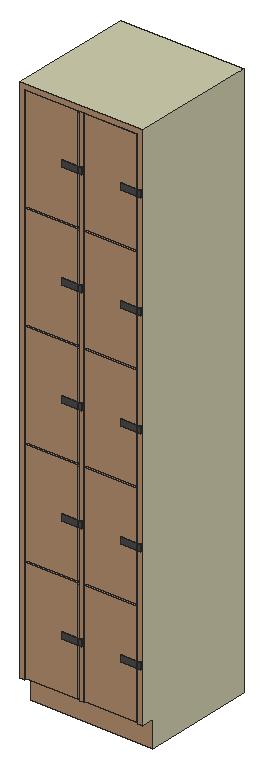
Revit family "Cabinet_Wenger_UltraStor_21", category Furniture, Revit 2015
Parameters (values of type "UltraStor Cabinet #21 - Comp Wood Doors")
  URL = "https://www.wengercorp.com/"
  Type Comments = ""
  Specification = "http://www.arcat.com/sdspecs/htm04/12_35_83wen.htm"
  Shelf Thickness = 0' - 1 1/8"
  Sales Information = "https://www.wengercorp.com/contact-us.php"
  Revision = "R1_2018-04"
  Rear Panel Thickness = 0' - 0 3/4"
  Product Data = "http://www.arcat.com/arcatcos/cos36/arc36487.html"
  Manufacturer Website = "https://www.wengercorp.com/"
  Manufacturer Phone - Toll Free = "800-4WENGER"
  Manufacturer Phone = "(507) 455-4100"
  Manufacturer Fax = "(507) 455-4258"
  Manufacturer Address = "555 Park Dr., Owatonna, MN 55060"
  Keynote = "12 35 83"
  HasDoors = yes
  Green Building-LEED = "http://www.arcat.com/green/clients/leed_data_36487.html"
  Drawn By = "Sumex Design, Inc. / Robert S. Weygant, CSI, CDT, SCIP"
  Door Width = (Cabinet Width - 0' 2 1/4") / 2  # 0' - 8 1/4"
  Door Style = Door_Base : Solid Door
  Door Material [instance] = Wenger Cherry (Use Cherry Edge Band Only)
  Toe Kick Material [instance] = Wenger Cherry (Use Cherry Edge Band Only)
  RH End Panel [instance] = no
  Model = "#21"
  Manufacturer = "Wenger Corporation"
  LH End Panel [instance] = no
  End Panel Material [instance] = Wenger Cherry (Use Cherry Edge Band Only)
  Edge Banding Material [instance] = Wenger Cherry (Use Cherry Edge Band Only)
  Door Height = (Cabinet Height - 0' 4 3/4") / 5  # 1' - 4.175"
  Cost = 0
  Copyright = "© 2018 Arcat Inc."
  Construction Details = "http://www.arcat.com/details/wengerco/wengerco.html?coid=36487"
  Body Material [instance] = Wenger - Oyster
  Description = "Wenger UltraStor Cabinet #21 - Comp Wood Doors"
  Cabinet Width = 1' - 6 3/4"
  Cabinet Height = 7' - 1 5/8"
  Installed Depth = 1' - 7 1/4"
  Cabinet Panel Thickness = 0' - 0 3/4"
  Assembly Code = "E2010200"
Types (14): name | Rear Panel Thickness | HasDoors | Door Width | Door Style | Door Material | Model | Description | Cabinet Width | Installed Depth
  Acoustic Cabinet #21 - No Doors | 0' - 3 1/4" | no | 0' - 8 1/4" | Door_Base : Solid Door | none | "#21A" | "Wenger Acoustic Cabinet #21 - No Doors" | 1' - 6 3/4" | 1' - 9 3/4"
  Narrow Acoustic Cabinet #21 - No Doors | 0' - 3 1/4" | no | 0' - 6 1/4" | Door_Base : Solid Door | none | "#21NA" | "Wenger Narrow Acoustic Cabinet #21 - No Doors" | 1' - 2 3/4" | 1' - 9 3/4"
  Narrow Acoustic Cabinet #21 - Comp Grille Doors | 0' - 3 1/4" | yes | 0' - 6 1/4" | Door_Base : Bars | Painted Black | "#21NA" | "Wenger Narrow Acoustic Cabinet #21 - Comp Grille Doors" | 1' - 2 3/4" | 1' - 9 3/4"
  Narrow Acoustic Cabinet #21 - Comp Waterfall Grille Doors | 0' - 3 1/4" | yes | 0' - 6 1/4" | Door_Base : Waterfall | Painted Black | "#21NA" | "Wenger Narrow Acoustic Cabinet #21 - Comp Waterfall Grille Doors" | 1' - 2 3/4" | 1' - 9 3/4"
  Acoustic Cabinet #21 - Comp Waterfall Grille Doors | 0' - 3 1/4" | yes | 0' - 8 1/4" | Door_Base : Waterfall | Painted Black | "#21A" | "Wenger Acoustic Cabinet #21 - Comp Waterfall Grille Doors" | 1' - 6 3/4" | 1' - 9 3/4"
  Acoustic Cabinet #21 - Comp Grille Doors | 0' - 3 1/4" | yes | 0' - 8 1/4" | Door_Base : Bars | Painted Black | "#21A" | "Wenger Acoustic Cabinet #21 - Comp Grille Doors" | 1' - 6 3/4" | 1' - 9 3/4"
  Narrow UltraStor Cabinet #21 - No Doors | 0' - 0 3/4" | no | 0' - 6 1/4" | Door_Base : Solid Door | none | "#21N" | "Wenger Narrow Cabinet #21 - No Doors" | 1' - 2 3/4" | 1' - 7 1/4"
  UltraStor Cabinet #21 - Comp Waterfall Grille Doors | 0' - 0 3/4" | yes | 0' - 8 1/4" | Door_Base : Waterfall | Painted Black | "#21" | "Wenger UltraStor Cabinet #21 - Comp Waterfall Grille Doors" | 1' - 6 3/4" | 1' - 7 1/4"
  UltraStor Cabinet #21 - No Doors | 0' - 0 3/4" | no | 0' - 8 1/4" | Door_Base : Solid Door | none | "#21" | "Wenger UltraStor Cabinet #21 - No Doors" | 1' - 6 3/4" | 1' - 7 1/4"
  Narrow UltraStor Cabinet #21 - Comp Grille Doors | 0' - 0 3/4" | yes | 0' - 6 1/4" | Door_Base : Bars | Painted Black | "#21N" | "Wenger Narrow Cabinet #21 - Comp Grille Doors" | 1' - 2 3/4" | 1' - 7 1/4"
  UltraStor Cabinet #21 - Comp Grille Doors | 0' - 0 3/4" | yes | 0' - 8 1/4" | Door_Base : Bars | Painted Black | "#21" | "Wenger UltraStor Cabinet #21 - Comp Grille Doors" | 1' - 6 3/4" | 1' - 7 1/4"
  Narrow UltraStor Cabinet #21 - Comp Waterfall Grille Doors | 0' - 0 3/4" | yes | 0' - 6 1/4" | Door_Base : Waterfall | Painted Black | "#21N" | "Wenger Narrow Cabinet #21 - Comp Waterfall Grille Doors" | 1' - 2 3/4" | 1' - 7 1/4"
  UltraStor Cabinet #21 - Comp Wood Doors | 0' - 0 3/4" | yes | 0' - 8 1/4" | Door_Base : Solid Door | Wenger Cherry (Use Cherry Edge Band Only) | "#21" | "Wenger UltraStor Cabinet #21 - Comp Wood Doors" | 1' - 6 3/4" | 1' - 7 1/4"
  Narrow UltraStor Cabinet #21 - Comp Wood Doors | 0' - 0 3/4" | yes | 0' - 6 1/4" | Door_Base : Solid Door | Wenger Cherry (Use Cherry Edge Band Only) | "#21N" | "Wenger Narrow Cabinet #21 - Comp Wood Doors" | 1' - 2 3/4" | 1' - 7 1/4"
Reference planes (in)
  plane 1 "Front": y = 0
  plane 2: z = 0
  plane 3 "Left": x = 0
  plane 4 "Right": x = 18.75
  plane 5 "Back": y = 19.25
  plane 6 "Top": z = 85.625
  plane 7: z = 4
  plane 8: z = 20.175
  plane 9: z = 36.35
  plane 10: z = 52.525
  plane 11: z = 68.7
  plane 12: x = 0.75
  plane 13: x = 18
  plane 14: z = 84.875
  plane 15: x = 9
  plane 16: x = 9.75
  plane 17: y = 18.5
  plane 18: y = 2
  plane 19: y = 0.75
  plane 20: z = 21.3
  plane 21: z = 37.475
  plane 22: z = 53.65
  plane 23: z = 69.825
  plane 24: z = 5.125
Forms (in)
  Extrusion 1, solid, material "Wenger - Oyster" <- "Body Material"
    sketch origin (0, 0, 0) x (0, 1, 0) y (0, 0, 1)
      loop
        line (0, 85.625) -> (0, 4) -> (2, 4) -> (2, 0) -> (19.25, 0) -> (19.25, 85.625) -> (0, 85.625)
    from 0 to 18.75
  Extrusion 2, void
    sketch origin (0, 0, 0) x (0, 1, 0) y (0, 0, 1)
      loop
        line (-5.5, 84.875) -> (-5.5, 4) -> (0.75, 4)
        arc (0.75, 4) -> (1.15915, 4.80234) -> (2, 5.125) r 1.25694
        line (2, 5.125) -> (18.5, 5.125) -> (18.5, 20.175) -> (0.75, 20.175)
        arc (0.75, 20.175) -> (1.18296, 20.95088) -> (2, 21.3) r 1.375
        line (2, 21.3) -> (18.5, 21.3) -> (18.5, 36.35) -> (0.75, 36.35)
        arc (0.75, 36.35) -> (1.18296, 37.12588) -> (2, 37.475) r 1.375
        line (2, 37.475) -> (18.5, 37.475) -> (18.5, 52.525) -> (0.75, 52.525)
        arc (0.75, 52.525) -> (1.18296, 53.30088) -> (2, 53.65) r 1.375
        line (2, 53.65) -> (18.5, 53.65) -> (18.5, 68.7) -> (0.75, 68.7)
        arc (0.75, 68.7) -> (1.18296, 69.47588) -> (2, 69.825) r 1.375
        line (2, 69.825) -> (18.5, 69.825) -> (18.5, 84.875) -> (-5.5, 84.875)
    from 0.75 to 9
  Extrusion 3, void
    sketch origin (0, 0, 0) x (0, 1, 0) y (0, 0, 1)
      loop
        line (-5.5, 84.875) -> (-5.5, 4) -> (0.75, 4)
        arc (0.75, 4) -> (1.18296, 4.77588) -> (2, 5.125) r 1.375
        line (2, 5.125) -> (18.5, 5.125) -> (18.5, 20.175) -> (0.75, 20.175)
        arc (0.75, 20.175) -> (1.18296, 20.95088) -> (2, 21.3) r 1.375
        line (2, 21.3) -> (18.5, 21.3) -> (18.5, 36.35) -> (0.75, 36.35)
        arc (0.75, 36.35) -> (1.18296, 37.12588) -> (2, 37.475) r 1.375
        line (2, 37.475) -> (18.5, 37.475) -> (18.5, 52.525) -> (0.75, 52.525)
        arc (0.75, 52.525) -> (1.18296, 53.30088) -> (2, 53.65) r 1.375
        line (2, 53.65) -> (18.5, 53.65) -> (18.5, 68.7) -> (0.75, 68.7)
        arc (0.75, 68.7) -> (1.18296, 69.47588) -> (2, 69.825) r 1.375
        line (2, 69.825) -> (18.5, 69.825) -> (18.5, 84.875) -> (-5.5, 84.875)
    from 9.75 to 18
  Extrusion 4, void
    sketch origin (0, 0, 0) x (0, 1, 0) y (0, 0, 1)
      loop
        line (0, 84.875) -> (0, 4) -> (0.0625, 4) -> (0.0625, 84.875) -> (0, 84.875)
    from 0.75 to 18
Cuts and joins
  Extrusion 2, Extrusion 3, Extrusion 4 cuts Extrusion 1
Lines and regions (in)
  Masking region 1
    outline origin (0, 0, 0) x (1, 0, 0) y (0, 1, 0)
      loop
        line (0, 19.25) -> (0, 0) -> (18.75, 0) -> (18.75, 19.25) -> (0, 19.25)
Dimensions and locks (in)
  "Cabinet Panel Thickness": plane 3 "Left" to plane 12
  "Cabinet Panel Thickness": plane 13 to plane 4 "Right"
  "Cabinet Panel Thickness": plane 5 "Back" to plane 17
  locked: plane 1 "Front" to plane 19 at 0.75
  locked: plane 1 "Front" to plane 18 at 2
  "Shelf Thickness": plane 20 to plane 8
  "Shelf Thickness": plane 21 to plane 9
  "Shelf Thickness": plane 22 to plane 10
  "Shelf Thickness": plane 23 to plane 11
  "Cabinet Panel Thickness": plane 6 "Top" to plane 14
  equal spacing: plane 14, plane 11, plane 10, plane 9, plane 8, plane 7
  "Shelf Thickness": plane 24 to plane 7
  "Cabinet Width": plane 3 "Left" to plane 4 "Right"
  locked: plane 7 to level at 4
  "Cabinet Height": plane 6 "Top" to level
  "Installed Depth": plane 1 "Front" to plane 5 "Back"
  "Door Width": plane 15 to plane 12
  "Door Width": plane 13 to plane 16
  plane 3 "Left" to plane 4 "Right" = 1' - 6 3/4"
  equal spacing: plane 5 "Back", nested 2, plane 1 "Front"
  equal spacing: plane 15, nested 2, plane 16
  aligned and locked: Extrusion 1 sketch curve to plane 6 "Top"
  aligned and locked: Extrusion 1 sketch curve to plane 5 "Back"
  aligned and locked: Extrusion 1 sketch curve to plane 1 "Front"
  aligned and locked: Extrusion 1 sketch curve to plane 7
  aligned and locked: Extrusion 1 sketch curve to plane 18
  aligned and locked: Extrusion 1 sketch curve to level
  aligned and locked: Extrusion 1 to plane 4 "Right"
  aligned and locked: Extrusion 1 to plane 3 "Left"
  aligned and locked: Extrusion 2 sketch curve to plane 14
  aligned and locked: Extrusion 2 sketch curve to plane 17
  aligned and locked: Extrusion 2 sketch curve to plane 11
  aligned and locked: Extrusion 2 sketch curve to plane 22
  aligned and locked: Extrusion 2 sketch curve to plane 10
  aligned and locked: Extrusion 2 sketch curve to plane 21
  aligned and locked: Extrusion 2 sketch curve to plane 9
  aligned and locked: Extrusion 2 sketch curve to plane 20
  aligned and locked: Extrusion 2 sketch curve to plane 8
  aligned and locked: Extrusion 2 sketch curve to plane 24
  aligned and locked: Extrusion 2 sketch curve to plane 23
  aligned and locked: Extrusion 2 to plane 12
  aligned and locked: plane 15 to Extrusion 2
  aligned and locked: Extrusion 3 to plane 13
  aligned and locked: Extrusion 3 to plane 16
  aligned and locked: Extrusion 4 sketch curve to cut or joined group of Extrusion 1, Extrusion 2, Extrusion 3, Extrusion 4  (x3)
  aligned and locked: Extrusion 4 to plane 13
  aligned and locked: Extrusion 4 to plane 12
  aligned and locked: plane 10 to nested 8
  aligned and locked: nested 3 to plane 12
  aligned and locked: plane 15 to nested 3
  aligned and locked: nested 3 to plane 11
  aligned and locked: plane 14 to nested 3
  aligned and locked: cut or joined group of Extrusion 1, Extrusion 2, Extrusion 3, Extrusion 4 to plane 16
  aligned and locked: cut or joined group of Extrusion 1, Extrusion 2, Extrusion 3, Extrusion 4 to plane 13
  aligned and locked: plane 14 to nested 4
  aligned and locked: nested 4 to plane 11
  aligned and locked: plane 11 to cut or joined group of Extrusion 1, Extrusion 2, Extrusion 3, Extrusion 4
  aligned and locked: plane 11 to nested 6
  aligned and locked: plane 11 to nested 5
  aligned and locked: nested 6 to plane 10
  aligned and locked: nested 5 to plane 10
  aligned and locked: plane 10 to cut or joined group of Extrusion 1, Extrusion 2, Extrusion 3, Extrusion 4
  aligned and locked: plane 10 to nested 7
  aligned and locked: nested 7 to plane 9
  aligned and locked: plane 9 to nested 9
  aligned and locked: nested 8 to plane 9
  aligned and locked: plane 9 to nested 10
  aligned and locked: nested 9 to plane 8
  aligned and locked: plane 8 to nested 11
  aligned and locked: nested 10 to plane 8
  aligned and locked: plane 8 to nested 12
  aligned and locked: nested 12 to plane 13
  aligned and locked: nested 10 to plane 13
  aligned and locked: nested 8 to plane 13
  aligned and locked: nested 6 to plane 13
  aligned and locked: nested 4 to plane 13
  aligned and locked: nested 4 to plane 16
  aligned and locked: nested 6 to plane 16
  aligned and locked: nested 8 to plane 16
  aligned and locked: nested 10 to plane 16
  aligned and locked: nested 12 to plane 16
  aligned and locked: plane 15 to nested 11
  aligned and locked: plane 15 to nested 9
  aligned and locked: plane 15 to nested 7
  aligned and locked: plane 15 to nested 5
  aligned and locked: nested 5 to plane 12
  aligned and locked: nested 7 to plane 12
  aligned and locked: nested 9 to plane 12
  aligned and locked: nested 11 to plane 12
  aligned and locked: plane 7 to cut or joined group of Extrusion 1, Extrusion 2, Extrusion 3, Extrusion 4
  aligned and locked: nested 12 to plane 7
  aligned and locked: nested 11 to plane 7
  aligned and locked: plane 19 to Extrusion 2 sketch curve
  aligned and locked: plane 1 "Front" to nested 13
  aligned and locked: nested 13 to level
  aligned and locked: nested 13 to plane 4 "Right"
  aligned and locked: Masking region 1 sketch curve to plane 5 "Back"
  aligned and locked: Masking region 1 sketch curve to plane 1 "Front"
  aligned and locked: plane 3 "Left" to Masking region 1 sketch curve
  aligned and locked: plane 4 "Right" to Masking region 1 sketch curve
Automatic sketch dimensions
  Extrusion 3 sketch curve to plane 14 = 0' - 0"
  Extrusion 3 sketch curve to plane 7 = 0' - 0"
  Extrusion 3 sketch curve to plane 19 = 0' - 0"  (x5)
  Extrusion 3 sketch curve to plane 11 = 0' - 0"
  Extrusion 3 sketch curve to plane 8 = 0' - 0"
  Extrusion 3 sketch curve to plane 10 = 0' - 0"
  Extrusion 3 sketch curve to plane 9 = 0' - 0"
  Extrusion 3 sketch curve to plane 18 = 0' - 0"  (x5)
  Extrusion 3 sketch curve to plane 17 = 0' - 0"  (x5)
  Extrusion 3 sketch curve to plane 24 = 0' - 0"
  Extrusion 3 sketch curve to plane 20 = 0' - 0"
  Extrusion 3 sketch curve to plane 21 = 0' - 0"
  Extrusion 3 sketch curve to plane 22 = 0' - 0"
  Extrusion 3 sketch curve to plane 23 = 0' - 0"
  plane 1 "Front" to Extrusion 3 sketch curve = 0' - 5 1/2"
  Extrusion 3 sketch curve to plane 18 = 0' - 0.10279"  (x5)
  plane 19 to Extrusion 4 sketch curve = 0' - 0 11/16"
  Extrusion 2 sketch curve to plane 7 = 0' - 0"
  Extrusion 2 sketch curve to plane 19 = 0' - 0"  (x4)
  Extrusion 2 sketch curve to plane 18 = 0' - 0"  (x5)
  Extrusion 2 sketch curve to plane 17 = 0' - 0"  (x4)
  plane 1 "Front" to Extrusion 2 sketch curve = 0' - 5 1/2"
  Extrusion 2 sketch curve to plane 18 = 0' - 0.10279"  (x4)
Nested families (in)
  nested 1: "End Panel" at (0, 4.25, 0) x (0, -1, 0) z (0, 0, 1), End Panel Material <- "End Panel Material", visible <- "LH End Panel", Edge Banding Material <- "Edge Banding Material", type "End Panel"
    with End Panel Material Wenger Cherry (Use Cherry Edge Band Only), Edge Banding Material Wenger Cherry (Use Cherry Edge Band Only), End Panel Depth 1' - 7 1/4"
  nested 2: "Labels" at (9.375, 9.625, 0), type "Labels"
  nested 3: "Door_Base" at (4.875, 0, 68.7) x (1, 0, 0) z (0, -1, 0), type <- "Door Style", Height <- "Door Height", Width <- "Door Width", visible <- "HasDoors", type "Solid Door", detail levels medium+fine
    with vBars 6, Width 0' - 8 1/4", ToeKick Height 0' - 4", MidBar no, Height 1' - 4.175", BarHt 1' - 3.675", 2HzBars no
  nested 4: "Door_Base" at (13.875, 0, 68.7) x (1, 0, 0) z (0, -1, 0), type <- "Door Style", Height <- "Door Height", Width <- "Door Width", visible <- "HasDoors", type "Solid Door", detail levels medium+fine
    with vBars 6, Width 0' - 8 1/4", ToeKick Height 0' - 4", MidBar no, Height 1' - 4.175", BarHt 1' - 3.675", 2HzBars no
  nested 5: "Door_Base" at (4.875, 0, 52.525) x (1, 0, 0) z (0, -1, 0), type <- "Door Style", Height <- "Door Height", Width <- "Door Width", visible <- "HasDoors", type "Solid Door", detail levels medium+fine
    with vBars 6, Width 0' - 8 1/4", ToeKick Height 0' - 4", MidBar no, Height 1' - 4.175", BarHt 1' - 3.675", 2HzBars no
  nested 6: "Door_Base" at (13.875, 0, 52.525) x (1, 0, 0) z (0, -1, 0), type <- "Door Style", Height <- "Door Height", Width <- "Door Width", visible <- "HasDoors", type "Solid Door", detail levels medium+fine
    with vBars 6, Width 0' - 8 1/4", ToeKick Height 0' - 4", MidBar no, Height 1' - 4.175", BarHt 1' - 3.675", 2HzBars no
  nested 7: "Door_Base" at (4.875, 0, 36.35) x (1, 0, 0) z (0, -1, 0), type <- "Door Style", Height <- "Door Height", Width <- "Door Width", visible <- "HasDoors", type "Solid Door", detail levels medium+fine
    with vBars 6, Width 0' - 8 1/4", ToeKick Height 0' - 4", MidBar no, Height 1' - 4.175", BarHt 1' - 3.675", 2HzBars no
  nested 8: "Door_Base" at (13.875, 0, 36.35) x (1, 0, 0) z (0, -1, 0), type <- "Door Style", Height <- "Door Height", Width <- "Door Width", visible <- "HasDoors", type "Solid Door", detail levels medium+fine
    with vBars 6, Width 0' - 8 1/4", ToeKick Height 0' - 4", MidBar no, Height 1' - 4.175", BarHt 1' - 3.675", 2HzBars no
  nested 9: "Door_Base" at (4.875, 0, 20.175) x (1, 0, 0) z (0, -1, 0), type <- "Door Style", Height <- "Door Height", Width <- "Door Width", visible <- "HasDoors", type "Solid Door", detail levels medium+fine
    with vBars 6, Width 0' - 8 1/4", ToeKick Height 0' - 4", MidBar no, Height 1' - 4.175", BarHt 1' - 3.675", 2HzBars no
  nested 10: "Door_Base" at (13.875, 0, 20.175) x (1, 0, 0) z (0, -1, 0), type <- "Door Style", Height <- "Door Height", Width <- "Door Width", visible <- "HasDoors", type "Solid Door", detail levels medium+fine
    with vBars 6, Width 0' - 8 1/4", ToeKick Height 0' - 4", MidBar no, Height 1' - 4.175", BarHt 1' - 3.675", 2HzBars no
  nested 11: "Door_Base" at (4.875, 0, 4) x (1, 0, 0) z (0, -1, 0), type <- "Door Style", Height <- "Door Height", Width <- "Door Width", visible <- "HasDoors", type "Solid Door", detail levels medium+fine
    with vBars 6, Width 0' - 8 1/4", ToeKick Height 0' - 4", MidBar no, Height 1' - 4.175", BarHt 1' - 3.675", 2HzBars no
  nested 12: "Door_Base" at (13.875, 0, 4) x (1, 0, 0) z (0, -1, 0), type <- "Door Style", Height <- "Door Height", Width <- "Door Width", visible <- "HasDoors", type "Solid Door", detail levels medium+fine
    with vBars 6, Width 0' - 8 1/4", ToeKick Height 0' - 4", MidBar no, Height 1' - 4.175", BarHt 1' - 3.675", 2HzBars no
  nested 13: "End Panel" at (19.5, 4.25, 0) x (0, -1, 0) z (0, 0, 1), End Panel Material <- "End Panel Material", Edge Banding Material <- "Edge Banding Material", visible <- "RH End Panel", type "End Panel"
    with End Panel Material Wenger Cherry (Use Cherry Edge Band Only), Edge Banding Material Wenger Cherry (Use Cherry Edge Band Only), End Panel Depth 1' - 7 1/4"
Definition of nested family "End Panel"
  Parameters (values of type "End Panel")
    End Panel Material [instance] = none
    End Panel Height = 7' - 1 5/8"
    End Panel Depth = 1' - 9 3/4"
    Edge Banding Material [instance] = none
    Default Elevation = 4' - 0"
    Assembly Code = ""
  Reference planes (in)
    plane 1 "Center (Front/Back)": y = 0
    plane 2: z = 0
    plane 3 "Center (Left/Right)": x = 0
    plane 4: x = -15
    plane 5: x = 6.75
    plane 6: z = 4
    plane 7: x = 4.75
    plane 8: z = 85.625
    plane 9: y = -0.75
  Forms (in)
    Extrusion 1, solid, material <- "End Panel Material"
      sketch origin (0, 0, 0) x (1, 0, 0) y (0, 0, 1)
        loop
          line (-15, 85.625) -> (-15, 0) -> (4.75, 0) -> (4.75, 4) -> (6.75, 4) -> (6.75, 85.625) -> (-15, 85.625)
      from 0 to 0.75
  Lines and regions (in)
    Masking region 1, detail levels coarse+medium
      outline origin (0, 0, 0) x (1, 0, 0) y (0, 1, 0)
        loop
          line (-15, 0) -> (-15, -0.75) -> (6.75, -0.75) -> (6.75, 0) -> (-15, 0)
  Dimensions and locks (in)
    locked: plane 7 to plane 5 at 2
    locked: plane 6 to level at 4
    "End Panel Height": plane 8 to level
    "End Panel Depth": plane 5 to plane 4
    locked: plane 9 to plane 1 "Center (Front/Back)" at 0.75
    aligned and locked: plane 4 to Extrusion 1 sketch curve
    aligned and locked: level to Extrusion 1 sketch curve
    aligned and locked: plane 7 to Extrusion 1 sketch curve
    aligned and locked: plane 6 to Extrusion 1 sketch curve
    aligned and locked: Extrusion 1 sketch curve to plane 5
    aligned and locked: Extrusion 1 sketch curve to plane 8
    aligned and locked: Extrusion 1 to plane 9
    aligned and locked: Extrusion 1 to plane 1 "Center (Front/Back)"
    aligned and locked: plane 4 to Masking region 1 sketch curve
    aligned and locked: Masking region 1 sketch curve to plane 5
    aligned and locked: plane 1 "Center (Front/Back)" to Masking region 1 sketch curve
    aligned and locked: plane 9 to Masking region 1 sketch curve
Definition of nested family "Door_Base"
  Parameters (values of type "None")
    vBars [instance] = (Width - 0' 2") / 0' 1"  # 6
    Width [instance] = 0' - 8"
    ToeKick Height [instance] = 0' - 4"
    Thickness = 0' - 0 3/4"
    Solid Door = no
    Shelf Thickness = 0' - 0 3/4"
    Panel Thickness = 0' - 0 3/4"
    MidBar [instance] = and(Height < 1' 6", HasDoor, not(Solid Door))  # no
    Height [instance] = 1' - 2 5/8"
    HasDoor = no
    Edge Banding = none
    DoorGap = 0' - 0 1/8"
    Door Finish = none
    Depth = 2' - 0"
    Default Elevation = 4' - 0"
    Bars = no
    BarStyle = Bars : Waterfall
    BarHt [instance] = Height - 0' 0 1/2"  # 1' - 2 1/8"
    2HzBars [instance] = and(Height > 1' 6", not(Solid Door))  # no
  Types (4): name | Thickness | Solid Door | MidBar | HasDoor | Bars | BarStyle
    Solid Door | 0' - 0 3/4" | yes | no | yes | no | Bars : Waterfall
    Bars | 0' - 0 1/4" | no | yes | yes | yes | Bars : Straight
    Waterfall | 0' - 0 3/4" | no | yes | yes | yes | Bars : Waterfall
    None | 0' - 0 3/4" | no | no | no | no | Bars : Waterfall
  Reference planes (in)
    plane 1 "Center (Front/Back)": y = 0
    plane 2: z = 0
    plane 3 "Center (Left/Right)": x = 0
    plane 4: x = -4
    plane 5: y = 14.625
    plane 6: x = 4
    plane 7: z = -0.75
    plane 8: x = -3.875
    plane 9: x = 3.875
    plane 10: y = 0.125
    plane 11: y = 14.5
    plane 12: y = -0.75
    plane 13 "CL Elev": y = 7.3125
    plane 14: x = -3.75
    plane 15: x = 3.75
    plane 16 "BtmRail": y = 0.25
    plane 17: y = 14.375
    plane 18: z = -0.125
    plane 19: x = -2.75
    plane 20: x = 2.75
    plane 21: y = 9.66667
    plane 22: y = 4.95833
  Forms (in)
    Extrusion 1, solid, material <- "Door Finish", visible <- "Solid Door", detail levels medium+fine
      sketch origin (0, 0, 0) x (1, 0, 0) y (0, 1, 0)
        loop
          arc (-3.75, 14.5) -> (-3.83839, 14.46339) -> (-3.875, 14.375) r 0.125
          line (-3.875, 14.375) -> (-3.875, 0.25)
          arc (-3.875, 0.25) -> (-3.83839, 0.16161) -> (-3.75, 0.125) r 0.125
          line (-3.75, 0.125) -> (3.75, 0.125)
          arc (3.75, 0.125) -> (3.83839, 0.16161) -> (3.875, 0.25) r 0.125
          line (3.875, 0.25) -> (3.875, 14.375)
          arc (3.875, 14.375) -> (3.83839, 14.46339) -> (3.75, 14.5) r 0.125
          line (3.75, 14.5) -> (-3.75, 14.5)
      from 0 to -0.75
    Sweep 2, solid, material <- "Door Finish", visible <- "Bars", detail levels medium+fine
      path origin (0, 0, 0) x (1, 0, 0) y (0, 1, 0)
        loop
          arc (-3.125, 14.5) -> (-3.65533, 14.28033) -> (-3.875, 13.75) r 0.75
          line (-3.875, 13.75) -> (-3.875, 0.875)
          arc (-3.875, 0.875) -> (-3.65533, 0.34467) -> (-3.125, 0.125) r 0.75
          line (-3.125, 0.125) -> (3.125, 0.125)
          arc (3.125, 0.125) -> (3.65533, 0.34467) -> (3.875, 0.875) r 0.75
          line (3.875, 0.875) -> (3.875, 13.75)
          arc (3.875, 13.75) -> (3.65533, 14.28033) -> (3.125, 14.5) r 0.75
          line (3.125, 14.5) -> (-3.125, 14.5)
      profile origin (0, 14.5, 0) x (0, 1, 0) y (0, 0, 1)
        loop
          circle (-0.125, -0.125) r 0.125
    Extrusion 3, solid, material <- "Door Finish", visible <- "MidBar", detail levels medium+fine
      sketch origin (0, 0, 0) x (0, 1, 0) y (0, 0, 1)
        loop
          circle (7.3125, -0.125) r 0.125
      from -3.75 to 3.75
    Extrusion 4, solid, visible <- "HasDoor", detail levels fine
      sketch origin (0, 0, 0) x (1, 0, 0) y (0, 1, 0)
        loop
          line (1.5, 7.8125) -> (1.5, 6.8125) -> (4.5, 6.8125) -> (4.5, 7.8125) -> (1.5, 7.8125)
      from 0 to 0.125
    Extrusion 5, solid, material <- "Door Finish", visible <- "2HzBars", detail levels medium+fine
      sketch origin (0, 0, 0) x (0, 1, 0) y (0, 0, 1)
        loop
          circle (9.66667, -0.125) r 0.125
        loop
          circle (4.95833, -0.125) r 0.125
      from -3.75 to 3.75
  Lines and regions (in)
    symbolic lines, visible <- "HasDoor", detail levels medium+fine
      curve 1: line (4, 0.25, 0) -> (-4, 0.25, 0)
      curve 2: line (-4, 0.25, 0) -> (-4, 0.25, 8)
      curve 3: arc (4, 0.25, 0) -> (1.65685, 0.25, 5.65685) -> (-4, 0.25, 8) r 8
    symbolic lines, visible <- "HasDoor"
      curve 4: line (3.875, 0.25, 0) -> (3.875, 0.25, -0.75)
      curve 5: line (3.875, 0.25, -0.75) -> (-3.875, 0.25, -0.75)
      curve 6: line (-3.875, 0.25, -0.75) -> (-3.875, 0.25, 0)
    symbolic lines, detail levels medium
      curve 7: line (3.875, 14.5, 0) -> (-3.875, 7.3125, 0)
      curve 8: line (-3.875, 7.3125, 0) -> (3.875, 0.125, 0)
  Dimensions and locks (in)
    "Height": plane 1 "Center (Front/Back)" to plane 5
    "Thickness": level to plane 7
    equal spacing: plane 4, plane 3 "Center (Left/Right)", plane 6
    "Width": plane 4 to plane 6
    "DoorGap": plane 5 to plane 11
    "DoorGap": plane 9 to plane 6
    "DoorGap": plane 4 to plane 8
    "DoorGap": plane 1 "Center (Front/Back)" to plane 10
    "Shelf Thickness": plane 1 "Center (Front/Back)" to plane 12
    equal spacing: plane 1 "Center (Front/Back)", plane 13 "CL Elev", plane 5
    locked: plane 15 to plane 9 at 0.125
    locked: plane 8 to plane 14 at 0.125
    locked: plane 11 to plane 17 at 0.125
    locked: plane 16 "BtmRail" to plane 10 at 0.125
    locked: level to plane 18 at 0.125
    plane 19 to plane 14 = 0' - 1"
    locked: plane 15 to plane 20 at 1
    Extrusion 4 sketch curve to plane 13 "CL Elev" to Extrusion 4 sketch curve = 0' - 0 1/2" locked, 0' - 0 1/2" locked
    locked: plane 6 to Extrusion 4 sketch curve at 0.5
    locked: Extrusion 4 sketch curve to plane 6 at 2.5
    locked: Extrusion 4 to level at 0.125
    equal spacing: group 1, group 3, group 4, group 5, group 6, group 2  (x3)
    equal spacing: plane 17, plane 21, plane 22, plane 16 "BtmRail"
    "Width": radius of curve 3
    aligned and locked: plane 2 to level
    aligned and locked: Extrusion 1 sketch curve to plane 11
    aligned and locked: plane 8 to Extrusion 1 sketch curve
    aligned and locked: Extrusion 1 sketch curve to plane 9
    aligned and locked: plane 10 to Extrusion 1 sketch curve
    aligned and locked: Extrusion 1 to plane 7
    aligned and locked: level to Extrusion 1
    aligned and locked: Sweep 2 sketch curve to plane 11
    aligned and locked: plane 8 to Sweep 2 sketch curve
    aligned and locked: plane 10 to Sweep 2 sketch curve
    aligned and locked: Sweep 2 sketch curve to plane 9
    aligned and locked: plane 15 to Extrusion 3
    aligned and locked: Extrusion 3 to plane 14
    aligned and locked: plane 20 to nested 2
    aligned and locked: plane 19 to nested 1
    aligned and locked: plane 21 to Extrusion 5 sketch curve
    aligned and locked: plane 18 to Extrusion 5 sketch curve  (x2)
    aligned and locked: plane 22 to Extrusion 5 sketch curve
    aligned and locked: Extrusion 5 to Extrusion 3  (x2)
    aligned and locked: plane 4 to curve 3  (x2)
    aligned and locked: level to curve 3
    aligned and locked: plane 7 to curve 5
    aligned and locked: Extrusion 1 to plane 8
    aligned and locked: plane 9 to Extrusion 1
    aligned and locked: plane 10 to curve 8
    aligned and locked: plane 9 to curve 8
    aligned and locked: plane 13 "CL Elev" to curve 8
    aligned and locked: plane 11 to curve 7
    aligned and locked: plane 9 to curve 7
  Automatic sketch dimensions
    plane 8 to Sweep 2 sketch curve = 0' - 0 3/4"  (x2)
    Sweep 2 sketch curve to plane 9 = 0' - 0 3/4"
    Sweep 2 sketch curve to Sweep 2 sketch curve = 0' - 0 3/4"
    Sweep 2 sketch curve to level = 0' - 0 1/8"
    profile plane to Sweep 2 sketch curve = 0' - 0 1/8"
    Extrusion 3 sketch curve to level = 0' - 0 1/8"
    Extrusion 3 sketch curve to plane 13 "CL Elev" = 0' - 0"
    curve 8 to plane 8 = 0' - 0"
    Extrusion 1 sketch curve to plane 14 = 0' - 0"  (x2)
    Extrusion 1 sketch curve to plane 15 = 0' - 0"  (x2)
    curve 5 to plane 9 = 0' - 0"
    curve 6 to plane 8 = 0' - 0"
    radius of Sweep 2 sketch curve = 0' - 0 1/8"
    radius of Extrusion 3 sketch curve = 0' - 0 1/8"
    radius of Extrusion 5 sketch curve = 0' - 0 1/8"  (x2)
  Nested families (in)
    nested 1: "Bars" at (-2.75, 0.25, -0.125) x (1, 0, 0) z (0, 1, 0), type <- "BarStyle", visible <- "Bars", type "Waterfall", detail levels fine
      with Lateral Deviation 0' - 1", Height 1' - 2 1/8"
    nested 2: "Bars" at (2.75, 0.25, -0.125) x (1, 0, 0) z (0, 1, 0), type <- "BarStyle", visible <- "Bars", type "Waterfall", detail levels fine
      with Lateral Deviation 0' - 1", Height 1' - 2 1/8"
    nested 3: "Bars" at (-1.65, 0.25, -0.125) x (1, 0, 0) z (0, 1, 0), type <- "BarStyle", visible <- "Bars", type "Waterfall", detail levels fine
      with Lateral Deviation 0' - 1", Height 1' - 2 1/8"
    nested 4: "Bars" at (-0.55, 0.25, -0.125) x (1, 0, 0) z (0, 1, 0), type <- "BarStyle", visible <- "Bars", type "Waterfall", detail levels fine
      with Lateral Deviation 0' - 1", Height 1' - 2 1/8"
    nested 5: "Bars" at (0.55, 0.25, -0.125) x (1, 0, 0) z (0, 1, 0), type <- "BarStyle", visible <- "Bars", type "Waterfall", detail levels fine
      with Lateral Deviation 0' - 1", Height 1' - 2 1/8"
    nested 6: "Bars" at (1.65, 0.25, -0.125) x (1, 0, 0) z (0, 1, 0), type <- "BarStyle", visible <- "Bars", type "Waterfall", detail levels fine
      with Lateral Deviation 0' - 1", Height 1' - 2 1/8"
  Definition of nested family "Bars"
    Parameters (values of type "Straight")
      WaterFall = no
      Straight = yes
      Lateral Deviation = 0' - 1 1/2"
      Height = 1' - 2 5/8"
      Default Elevation = 4' - 0"
      Bars = none
    Types (3): name | WaterFall | Straight
      (no name) | no | yes
      Waterfall | yes | no
      Straight | no | yes
    Reference planes (in)
      plane 1 "Center (Front/Back)": y = 0
      plane 2: z = 0
      plane 3 "Center (Left/Right)": x = 0
      plane 4: z = 14.625
      plane 5: z = 7.3125
      plane 6: x = 0.75
      plane 7: x = -0.75
      plane 8: z = 10.96875
      plane 9: z = 3.65625
    Forms (in)
      Sweep 1, solid, material <- "Bars", visible <- "WaterFall"
        path origin (0, 0, 0) x (1, 0, 0) y (0, 0, 1)
          loop
            arc (0, 0) -> (0.56057, 1.79006) -> (0.75, 3.65625) r 9.28711
            arc (0.75, 3.65625) -> (0.56057, 5.52244) -> (0, 7.3125) r 9.28711
        profile origin (0.56057, 0, 1.79006) x (-0.979603, 0, 0.200944) y (0, -1, 0)
          loop
            circle (0, 0) r 0.0625
      Sweep 2, solid, material <- "Bars", visible <- "WaterFall"
        path origin (0, 0, 14.625) x (-1, 0, 0) y (0, 0, -1)
          loop
            arc (0, 0) -> (0.56057, 1.79006) -> (0.75, 3.65625) r 9.28711
            arc (0.75, 3.65625) -> (0.56057, 5.52244) -> (0, 7.3125) r 9.28711
        profile origin (-0.56057, 0, 12.83494) x (0.979603, 0, -0.200944) y (0, -1, 0)
          loop
            circle (0, 0) r 0.0625
      Extrusion 3, solid, material <- "Bars", visible <- "Straight"
        sketch origin (0, 0, 0) x (1, 0, 0) y (0, 1, 0)
          loop
            circle (0, 0) r 0.0625
        from 0 to 14.625
    Dimensions and locks (in)
      "Height": plane 4 to level
      equal spacing: plane 6, plane 3 "Center (Left/Right)", plane 7
      "Lateral Deviation": plane 6 to plane 7
      equal spacing: plane 4, plane 8, plane 5, plane 9, level
      aligned and locked: plane 2 to level
      aligned and locked: plane 3 "Center (Left/Right)" to Sweep 1 sketch curve  (x2)
      aligned and locked: level to Sweep 1 sketch curve
      aligned and locked: plane 6 to Sweep 1 sketch curve
      aligned and locked: plane 9 to Sweep 1 sketch curve
      aligned and locked: plane 4 to Sweep 2 sketch curve
      aligned and locked: plane 3 "Center (Left/Right)" to Sweep 2 sketch curve  (x2)
      aligned and locked: plane 8 to Sweep 2 sketch curve
      aligned and locked: plane 7 to Sweep 2 sketch curve
      aligned and locked: plane 5 to Sweep 2 sketch curve
      aligned and locked: plane 4 to Extrusion 3
      aligned and locked: Extrusion 3 to level
    Automatic sketch dimensions
      plane 1 "Center (Front/Back)" to Sweep 1 sketch curve = 0' - 0"
      Sweep 1 sketch curve to profile plane = 0' - 0"
      Sweep 1 sketch curve to Sweep 1 sketch curve = 0' - 0"
      Sweep 2 sketch curve to plane 1 "Center (Front/Back)" = 0' - 0"
      Sweep 2 sketch curve to profile plane = 0' - 0"
      plane 1 "Center (Front/Back)" to Extrusion 3 sketch curve = 0' - 0"
      Extrusion 3 sketch curve to plane 3 "Center (Left/Right)" = 0' - 0"
      radius of Sweep 1 sketch curve = 0' - 0 1/16"
      radius of Sweep 2 sketch curve = 0' - 0 1/16"
      radius of Extrusion 3 sketch curve = 0' - 0 1/16"
Definition of nested family "Labels"
  Parameters
    Cabinet Label = "01"
  Reference planes (in)
    plane 1: y = 0
    plane 2: x = 0
  Text (in)
    label "xxxx" at (-0.00018, 0.00754, 0), shows "Cabinet Label"
